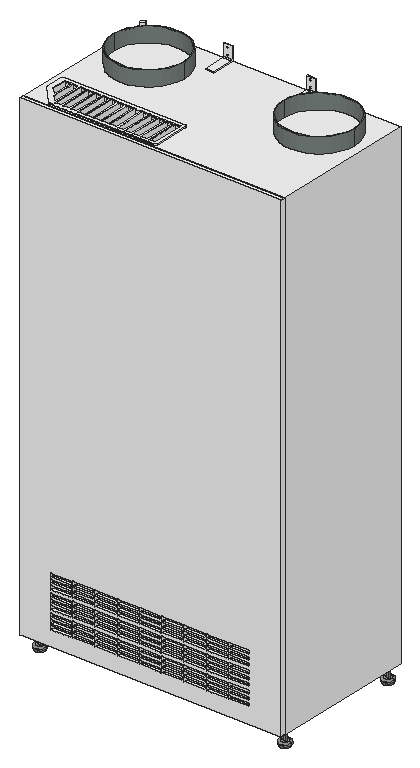
Revit family "AM 950 F VV", category Mechanical Equipment, Revit 2019
Family settings
  Round Connector Dimension = Use Diameter
  Part Type = Normal
  OmniClass Number = 23.75.00.00
  OmniClass Title = Climate Control (HVAC)
  Work Plane-Based = No
  Always vertical = Yes
  Cut with Voids When Loaded = No
  Shared = No
  Room Calculation Point = No
Parameters
  Weight (Standard Unit) = 301.5  # constant formula
  Water Heater Surface Return = 15 mm  # constant formula
  Water Heater Surface IN = 15 mm  # constant formula
  Version = "1.0"
  URL = "www.airmaster-as.com"
  Total Width = 1150 mm  # constant formula
  Total Hight = 2121 mm  # constant formula
  Suply Air In = 315 mm  # constant formula
  Publication date = "11.06.2025"
  Nominal current, electrical preheating surface = "10,0 A"
  Nominal current, electrical comfort heating surface = "7,39 A"
  Maximum current, air handling unit = "2.76 A"
  Network Conection = "AWG 24 CAT 5e STP"
  Model = "AM 950 F VV"
  Max. flow rate 35 dB(A) with ePM10 55% filters = 912.00 m³  # constant formula
  Max. flow rate 35 dB(A) with ePM10 50% filters = 915.00 m³  # constant formula
  Max. flow rate 30 dB(A) with ePM10 55% filters = 715.00 m³  # constant formula
  Max. flow rate 30 dB(A) with ePM10 50% filters = 730.00 m³  # constant formula
  Manufacturer = "Airmaster A/S"
  Maintenance [instance] = no
  Exhaust Air = 315 mm  # constant formula
  Total Depth = 660 mm  # constant formula
  Electrical connection = "220-240V/50Hz, ~1N+PE or 220-240V/50Hz, ~3N+PE"
  Drawn By = "LSB"
  Data sheet = ""
  Condensate conector = "Ø6/9 mm"
  Condensate = 9 mm  # constant formula
  BMS Panel = "(PTS) 2x2x0,6"
  BMS Out = "(PTS) 2x2x0,6"
  BMS IN = "(PTS) 2x2x0,6"
  Airflow area [instance] = no
Reference planes
  plane 1 "Center (Front/Back)": y = 0
  plane 2: z = 0
  plane 3 "Center (Left/Right)": x = 0
  plane 4 "Center L/S": y = -660
  plane 5 "Center L/T": x = -575
  plane 6 "Center L/U": x = 575
  plane 7: y = -26
Forms (mm)
  Extrusion 1, solid, material "AM White"
    sketch origin (0, 0, 73.598) x (1, 0, 0) y (0, 1, 0)
      loop
        line (-575, 0) -> (-575, -640) -> (575, -640) -> (575, 0) -> (-575, 0)
    from 0 to 2120
  Extrusion 2, solid, material "AM White", detail levels fine
    sketch origin (0, -660, 73.598) x (1, 0, 0) y (0, 0, -1)
      loop
        arc (-572.5, 0) -> (-574.268, -0.732) -> (-575, -2.5) r 2.5
        line (-575, -2.5) -> (-575, -2117.5)
        arc (-575, -2117.5) -> (-574.268, -2119.268) -> (-572.5, -2120) r 2.5
        line (-572.5, -2120) -> (572.5, -2120)
        arc (572.5, -2120) -> (574.268, -2119.268) -> (575, -2117.5) r 2.5
        line (575, -2117.5) -> (575, -2.5)
        arc (575, -2.5) -> (574.268, -0.732) -> (572.5, 0) r 2.5
        line (572.5, 0) -> (-572.5, 0)
    from 0 to 20
  Extrusion 3, solid, material "AM White", detail levels fine
    sketch origin (-164, -474.5, 72.198) x (0, 1, 0) y (0, 0, -1)
      loop
        arc (474.5, -2128.4) -> (472.743, -2124.157) -> (468.5, -2122.4) r 6
        line (468.5, -2122.4) -> (369.5, -2122.4) -> (369.5, -2125.4) -> (468.5, -2125.4)
        arc (468.5, -2125.4) -> (470.621, -2126.279) -> (471.5, -2128.4) r 3
        line (471.5, -2128.4) -> (471.5, -2181.4) -> (474.5, -2181.4) -> (474.5, -2128.4)
    from 0 to 38
  Extrusion 4, solid, material "AM White", detail levels fine
    sketch origin (202, -474.5, 72.198) x (0, 1, 0) y (0, 0, -1)
      loop
        arc (474.5, -2128.4) -> (472.743, -2124.157) -> (468.5, -2122.4) r 6
        line (468.5, -2122.4) -> (369.5, -2122.4) -> (369.5, -2125.4) -> (468.5, -2125.4)
        arc (468.5, -2125.4) -> (470.621, -2126.279) -> (471.5, -2128.4) r 3
        line (471.5, -2128.4) -> (471.5, -2181.4) -> (474.5, -2181.4) -> (474.5, -2128.4)
    from 0 to 38
  Extrusion 5, void
    sketch origin (0, -660, 108.598) x (1, 0, 0) y (0, 0, -1)
      loop
        arc (-438.016, -35) -> (-438.712, -35.288) -> (-439, -35.984) r 0.984
        line (-439, -35.984) -> (-439, -53.016)
        arc (-439, -53.016) -> (-438.712, -53.712) -> (-438.016, -54) r 0.984
        line (-438.016, -54) -> (-346.984, -54)
        arc (-346.984, -54) -> (-346.288, -53.712) -> (-346, -53.016) r 0.984
        line (-346, -53.016) -> (-346, -35.984)
        arc (-346, -35.984) -> (-346.288, -35.288) -> (-346.984, -35) r 0.984
        line (-346.984, -35) -> (-438.016, -35)
      loop
        arc (-438.016, -59) -> (-438.712, -59.288) -> (-439, -59.984) r 0.984
        line (-439, -59.984) -> (-439, -77.016)
        arc (-439, -77.016) -> (-438.712, -77.712) -> (-438.016, -78) r 0.984
        line (-438.016, -78) -> (-346.984, -78)
        arc (-346.984, -78) -> (-346.288, -77.712) -> (-346, -77.016) r 0.984
        line (-346, -77.016) -> (-346, -59.984)
        arc (-346, -59.984) -> (-346.288, -59.288) -> (-346.984, -59) r 0.984
        line (-346.984, -59) -> (-438.016, -59)
      loop
        arc (-438.016, -83) -> (-438.712, -83.288) -> (-439, -83.984) r 0.984
        line (-439, -83.984) -> (-439, -101.016)
        arc (-439, -101.016) -> (-438.712, -101.712) -> (-438.016, -102) r 0.984
        line (-438.016, -102) -> (-346.984, -102)
        arc (-346.984, -102) -> (-346.288, -101.712) -> (-346, -101.016) r 0.984
        line (-346, -101.016) -> (-346, -83.984)
        arc (-346, -83.984) -> (-346.288, -83.288) -> (-346.984, -83) r 0.984
        line (-346.984, -83) -> (-438.016, -83)
      loop
        arc (-438.016, -114) -> (-438.712, -114.288) -> (-439, -114.984) r 0.984
        line (-439, -114.984) -> (-439, -132.016)
        arc (-439, -132.016) -> (-438.712, -132.712) -> (-438.016, -133) r 0.984
        line (-438.016, -133) -> (-346.984, -133)
        arc (-346.984, -133) -> (-346.288, -132.712) -> (-346, -132.016) r 0.984
        line (-346, -132.016) -> (-346, -114.984)
        arc (-346, -114.984) -> (-346.288, -114.288) -> (-346.984, -114) r 0.984
        line (-346.984, -114) -> (-438.016, -114)
      loop
        arc (-438.016, -138) -> (-438.712, -138.288) -> (-439, -138.984) r 0.984
        line (-439, -138.984) -> (-439, -156.016)
        arc (-439, -156.016) -> (-438.712, -156.712) -> (-438.016, -157) r 0.984
        line (-438.016, -157) -> (-346.984, -157)
        arc (-346.984, -157) -> (-346.288, -156.712) -> (-346, -156.016) r 0.984
        line (-346, -156.016) -> (-346, -138.984)
        arc (-346, -138.984) -> (-346.288, -138.288) -> (-346.984, -138) r 0.984
        line (-346.984, -138) -> (-438.016, -138)
      loop
        arc (-438.016, -162) -> (-438.712, -162.288) -> (-439, -162.984) r 0.984
        line (-439, -162.984) -> (-439, -180.016)
        arc (-439, -180.016) -> (-438.712, -180.712) -> (-438.016, -181) r 0.984
        line (-438.016, -181) -> (-346.984, -181)
        arc (-346.984, -181) -> (-346.288, -180.712) -> (-346, -180.016) r 0.984
        line (-346, -180.016) -> (-346, -162.984)
        arc (-346, -162.984) -> (-346.288, -162.288) -> (-346.984, -162) r 0.984
        line (-346.984, -162) -> (-438.016, -162)
      loop
        arc (-438.016, -193) -> (-438.712, -193.288) -> (-439, -193.984) r 0.984
        line (-439, -193.984) -> (-439, -211.016)
        arc (-439, -211.016) -> (-438.712, -211.712) -> (-438.016, -212) r 0.984
        line (-438.016, -212) -> (-346.984, -212)
        arc (-346.984, -212) -> (-346.288, -211.712) -> (-346, -211.016) r 0.984
        line (-346, -211.016) -> (-346, -193.984)
        arc (-346, -193.984) -> (-346.288, -193.288) -> (-346.984, -193) r 0.984
        line (-346.984, -193) -> (-438.016, -193)
      loop
        arc (-438.016, -217) -> (-438.712, -217.288) -> (-439, -217.984) r 0.984
        line (-439, -217.984) -> (-439, -235.016)
        arc (-439, -235.016) -> (-438.712, -235.712) -> (-438.016, -236) r 0.984
        line (-438.016, -236) -> (-346.984, -236)
        arc (-346.984, -236) -> (-346.288, -235.712) -> (-346, -235.016) r 0.984
        line (-346, -235.016) -> (-346, -217.984)
        arc (-346, -217.984) -> (-346.288, -217.288) -> (-346.984, -217) r 0.984
        line (-346.984, -217) -> (-438.016, -217)
      loop
        arc (-438.016, -241) -> (-438.712, -241.288) -> (-439, -241.984) r 0.984
        line (-439, -241.984) -> (-439, -259.016)
        arc (-439, -259.016) -> (-438.712, -259.712) -> (-438.016, -260) r 0.984
        line (-438.016, -260) -> (-346.984, -260)
        arc (-346.984, -260) -> (-346.288, -259.712) -> (-346, -259.016) r 0.984
        line (-346, -259.016) -> (-346, -241.984)
        arc (-346, -241.984) -> (-346.288, -241.288) -> (-346.984, -241) r 0.984
        line (-346.984, -241) -> (-438.016, -241)
      loop
        arc (-340.016, -35) -> (-340.712, -35.288) -> (-341, -35.984) r 0.984
        line (-341, -35.984) -> (-341, -53.016)
        arc (-341, -53.016) -> (-340.712, -53.712) -> (-340.016, -54) r 0.984
        line (-340.016, -54) -> (-248.984, -54)
        arc (-248.984, -54) -> (-248.288, -53.712) -> (-248, -53.016) r 0.984
        line (-248, -53.016) -> (-248, -35.984)
        arc (-248, -35.984) -> (-248.288, -35.288) -> (-248.984, -35) r 0.984
        line (-248.984, -35) -> (-340.016, -35)
      loop
        arc (-340.016, -59) -> (-340.712, -59.288) -> (-341, -59.984) r 0.984
        line (-341, -59.984) -> (-341, -77.016)
        arc (-341, -77.016) -> (-340.712, -77.712) -> (-340.016, -78) r 0.984
        line (-340.016, -78) -> (-248.984, -78)
        arc (-248.984, -78) -> (-248.288, -77.712) -> (-248, -77.016) r 0.984
        line (-248, -77.016) -> (-248, -59.984)
        arc (-248, -59.984) -> (-248.288, -59.288) -> (-248.984, -59) r 0.984
        line (-248.984, -59) -> (-340.016, -59)
      loop
        arc (-340.016, -83) -> (-340.712, -83.288) -> (-341, -83.984) r 0.984
        line (-341, -83.984) -> (-341, -101.016)
        arc (-341, -101.016) -> (-340.712, -101.712) -> (-340.016, -102) r 0.984
        line (-340.016, -102) -> (-248.984, -102)
        arc (-248.984, -102) -> (-248.288, -101.712) -> (-248, -101.016) r 0.984
        line (-248, -101.016) -> (-248, -83.984)
        arc (-248, -83.984) -> (-248.288, -83.288) -> (-248.984, -83) r 0.984
        line (-248.984, -83) -> (-340.016, -83)
      loop
        arc (-340.016, -114) -> (-340.712, -114.288) -> (-341, -114.984) r 0.984
        line (-341, -114.984) -> (-341, -132.016)
        arc (-341, -132.016) -> (-340.712, -132.712) -> (-340.016, -133) r 0.984
        line (-340.016, -133) -> (-248.984, -133)
        arc (-248.984, -133) -> (-248.288, -132.712) -> (-248, -132.016) r 0.984
        line (-248, -132.016) -> (-248, -114.984)
        arc (-248, -114.984) -> (-248.288, -114.288) -> (-248.984, -114) r 0.984
        line (-248.984, -114) -> (-340.016, -114)
      loop
        arc (-340.016, -138) -> (-340.712, -138.288) -> (-341, -138.984) r 0.984
        line (-341, -138.984) -> (-341, -156.016)
        arc (-341, -156.016) -> (-340.712, -156.712) -> (-340.016, -157) r 0.984
        line (-340.016, -157) -> (-248.984, -157)
        arc (-248.984, -157) -> (-248.288, -156.712) -> (-248, -156.016) r 0.984
        line (-248, -156.016) -> (-248, -138.984)
        arc (-248, -138.984) -> (-248.288, -138.288) -> (-248.984, -138) r 0.984
        line (-248.984, -138) -> (-340.016, -138)
      loop
        arc (-340.016, -162) -> (-340.712, -162.288) -> (-341, -162.984) r 0.984
        line (-341, -162.984) -> (-341, -180.016)
        arc (-341, -180.016) -> (-340.712, -180.712) -> (-340.016, -181) r 0.984
        line (-340.016, -181) -> (-248.984, -181)
        arc (-248.984, -181) -> (-248.288, -180.712) -> (-248, -180.016) r 0.984
        line (-248, -180.016) -> (-248, -162.984)
        arc (-248, -162.984) -> (-248.288, -162.288) -> (-248.984, -162) r 0.984
        line (-248.984, -162) -> (-340.016, -162)
      loop
        arc (-340.016, -193) -> (-340.712, -193.288) -> (-341, -193.984) r 0.984
        line (-341, -193.984) -> (-341, -211.016)
        arc (-341, -211.016) -> (-340.712, -211.712) -> (-340.016, -212) r 0.984
        line (-340.016, -212) -> (-248.984, -212)
        arc (-248.984, -212) -> (-248.288, -211.712) -> (-248, -211.016) r 0.984
        line (-248, -211.016) -> (-248, -193.984)
        arc (-248, -193.984) -> (-248.288, -193.288) -> (-248.984, -193) r 0.984
        line (-248.984, -193) -> (-340.016, -193)
      loop
        arc (-340.016, -217) -> (-340.712, -217.288) -> (-341, -217.984) r 0.984
        line (-341, -217.984) -> (-341, -235.016)
        arc (-341, -235.016) -> (-340.712, -235.712) -> (-340.016, -236) r 0.984
        line (-340.016, -236) -> (-248.984, -236)
        arc (-248.984, -236) -> (-248.288, -235.712) -> (-248, -235.016) r 0.984
        line (-248, -235.016) -> (-248, -217.984)
        arc (-248, -217.984) -> (-248.288, -217.288) -> (-248.984, -217) r 0.984
        line (-248.984, -217) -> (-340.016, -217)
      loop
        arc (-340.016, -241) -> (-340.712, -241.288) -> (-341, -241.984) r 0.984
        line (-341, -241.984) -> (-341, -259.016)
        arc (-341, -259.016) -> (-340.712, -259.712) -> (-340.016, -260) r 0.984
        line (-340.016, -260) -> (-248.984, -260)
        arc (-248.984, -260) -> (-248.288, -259.712) -> (-248, -259.016) r 0.984
        line (-248, -259.016) -> (-248, -241.984)
        arc (-248, -241.984) -> (-248.288, -241.288) -> (-248.984, -241) r 0.984
        line (-248.984, -241) -> (-340.016, -241)
      loop
        arc (-242.016, -35) -> (-242.712, -35.288) -> (-243, -35.984) r 0.984
        line (-243, -35.984) -> (-243, -53.016)
        arc (-243, -53.016) -> (-242.712, -53.712) -> (-242.016, -54) r 0.984
        line (-242.016, -54) -> (-150.984, -54)
        arc (-150.984, -54) -> (-150.288, -53.712) -> (-150, -53.016) r 0.984
        line (-150, -53.016) -> (-150, -35.984)
        arc (-150, -35.984) -> (-150.288, -35.288) -> (-150.984, -35) r 0.984
        line (-150.984, -35) -> (-242.016, -35)
      loop
        arc (-242.016, -59) -> (-242.712, -59.288) -> (-243, -59.984) r 0.984
        line (-243, -59.984) -> (-243, -77.016)
        arc (-243, -77.016) -> (-242.712, -77.712) -> (-242.016, -78) r 0.984
        line (-242.016, -78) -> (-150.984, -78)
        arc (-150.984, -78) -> (-150.288, -77.712) -> (-150, -77.016) r 0.984
        line (-150, -77.016) -> (-150, -59.984)
        arc (-150, -59.984) -> (-150.288, -59.288) -> (-150.984, -59) r 0.984
        line (-150.984, -59) -> (-242.016, -59)
      loop
        arc (-242.016, -83) -> (-242.712, -83.288) -> (-243, -83.984) r 0.984
        line (-243, -83.984) -> (-243, -101.016)
        arc (-243, -101.016) -> (-242.712, -101.712) -> (-242.016, -102) r 0.984
        line (-242.016, -102) -> (-150.984, -102)
        arc (-150.984, -102) -> (-150.288, -101.712) -> (-150, -101.016) r 0.984
        line (-150, -101.016) -> (-150, -83.984)
        arc (-150, -83.984) -> (-150.288, -83.288) -> (-150.984, -83) r 0.984
        line (-150.984, -83) -> (-242.016, -83)
      loop
        arc (-242.016, -114) -> (-242.712, -114.288) -> (-243, -114.984) r 0.984
        line (-243, -114.984) -> (-243, -132.016)
        arc (-243, -132.016) -> (-242.712, -132.712) -> (-242.016, -133) r 0.984
        line (-242.016, -133) -> (-150.984, -133)
        arc (-150.984, -133) -> (-150.288, -132.712) -> (-150, -132.016) r 0.984
        line (-150, -132.016) -> (-150, -114.984)
        arc (-150, -114.984) -> (-150.288, -114.288) -> (-150.984, -114) r 0.984
        line (-150.984, -114) -> (-242.016, -114)
      loop
        arc (-242.016, -138) -> (-242.712, -138.288) -> (-243, -138.984) r 0.984
        line (-243, -138.984) -> (-243, -156.016)
        arc (-243, -156.016) -> (-242.712, -156.712) -> (-242.016, -157) r 0.984
        line (-242.016, -157) -> (-150.984, -157)
        arc (-150.984, -157) -> (-150.288, -156.712) -> (-150, -156.016) r 0.984
        line (-150, -156.016) -> (-150, -138.984)
        arc (-150, -138.984) -> (-150.288, -138.288) -> (-150.984, -138) r 0.984
        line (-150.984, -138) -> (-242.016, -138)
      loop
        arc (-242.016, -162) -> (-242.712, -162.288) -> (-243, -162.984) r 0.984
        line (-243, -162.984) -> (-243, -180.016)
        arc (-243, -180.016) -> (-242.712, -180.712) -> (-242.016, -181) r 0.984
        line (-242.016, -181) -> (-150.984, -181)
        arc (-150.984, -181) -> (-150.288, -180.712) -> (-150, -180.016) r 0.984
        line (-150, -180.016) -> (-150, -162.984)
        arc (-150, -162.984) -> (-150.288, -162.288) -> (-150.984, -162) r 0.984
        line (-150.984, -162) -> (-242.016, -162)
      loop
        arc (-242.016, -193) -> (-242.712, -193.288) -> (-243, -193.984) r 0.984
        line (-243, -193.984) -> (-243, -211.016)
        arc (-243, -211.016) -> (-242.712, -211.712) -> (-242.016, -212) r 0.984
        line (-242.016, -212) -> (-150.984, -212)
        arc (-150.984, -212) -> (-150.288, -211.712) -> (-150, -211.016) r 0.984
        line (-150, -211.016) -> (-150, -193.984)
        arc (-150, -193.984) -> (-150.288, -193.288) -> (-150.984, -193) r 0.984
        line (-150.984, -193) -> (-242.016, -193)
      loop
        arc (-242.016, -217) -> (-242.712, -217.288) -> (-243, -217.984) r 0.984
        line (-243, -217.984) -> (-243, -235.016)
        arc (-243, -235.016) -> (-242.712, -235.712) -> (-242.016, -236) r 0.984
        line (-242.016, -236) -> (-150.984, -236)
        arc (-150.984, -236) -> (-150.288, -235.712) -> (-150, -235.016) r 0.984
        line (-150, -235.016) -> (-150, -217.984)
        arc (-150, -217.984) -> (-150.288, -217.288) -> (-150.984, -217) r 0.984
        line (-150.984, -217) -> (-242.016, -217)
      loop
        arc (-242.016, -241) -> (-242.712, -241.288) -> (-243, -241.984) r 0.984
        line (-243, -241.984) -> (-243, -259.016)
        arc (-243, -259.016) -> (-242.712, -259.712) -> (-242.016, -260) r 0.984
        line (-242.016, -260) -> (-150.984, -260)
        arc (-150.984, -260) -> (-150.288, -259.712) -> (-150, -259.016) r 0.984
        line (-150, -259.016) -> (-150, -241.984)
        arc (-150, -241.984) -> (-150.288, -241.288) -> (-150.984, -241) r 0.984
        line (-150.984, -241) -> (-242.016, -241)
      loop
        arc (-144.016, -35) -> (-144.712, -35.288) -> (-145, -35.984) r 0.984
        line (-145, -35.984) -> (-145, -53.016)
        arc (-145, -53.016) -> (-144.712, -53.712) -> (-144.016, -54) r 0.984
        line (-144.016, -54) -> (-52.984, -54)
        arc (-52.984, -54) -> (-52.288, -53.712) -> (-52, -53.016) r 0.984
        line (-52, -53.016) -> (-52, -35.984)
        arc (-52, -35.984) -> (-52.288, -35.288) -> (-52.984, -35) r 0.984
        line (-52.984, -35) -> (-144.016, -35)
      loop
        arc (-144.016, -59) -> (-144.712, -59.288) -> (-145, -59.984) r 0.984
        line (-145, -59.984) -> (-145, -77.016)
        arc (-145, -77.016) -> (-144.712, -77.712) -> (-144.016, -78) r 0.984
        line (-144.016, -78) -> (-52.984, -78)
        arc (-52.984, -78) -> (-52.288, -77.712) -> (-52, -77.016) r 0.984
        line (-52, -77.016) -> (-52, -59.984)
        arc (-52, -59.984) -> (-52.288, -59.288) -> (-52.984, -59) r 0.984
        line (-52.984, -59) -> (-144.016, -59)
      loop
        arc (-144.016, -83) -> (-144.712, -83.288) -> (-145, -83.984) r 0.984
        line (-145, -83.984) -> (-145, -101.016)
        arc (-145, -101.016) -> (-144.712, -101.712) -> (-144.016, -102) r 0.984
        line (-144.016, -102) -> (-52.984, -102)
        arc (-52.984, -102) -> (-52.288, -101.712) -> (-52, -101.016) r 0.984
        line (-52, -101.016) -> (-52, -83.984)
        arc (-52, -83.984) -> (-52.288, -83.288) -> (-52.984, -83) r 0.984
        line (-52.984, -83) -> (-144.016, -83)
      loop
        arc (-144.016, -114) -> (-144.712, -114.288) -> (-145, -114.984) r 0.984
        line (-145, -114.984) -> (-145, -132.016)
        arc (-145, -132.016) -> (-144.712, -132.712) -> (-144.016, -133) r 0.984
        line (-144.016, -133) -> (-52.984, -133)
        arc (-52.984, -133) -> (-52.288, -132.712) -> (-52, -132.016) r 0.984
        line (-52, -132.016) -> (-52, -114.984)
        arc (-52, -114.984) -> (-52.288, -114.288) -> (-52.984, -114) r 0.984
        line (-52.984, -114) -> (-144.016, -114)
      loop
        arc (-144.016, -138) -> (-144.712, -138.288) -> (-145, -138.984) r 0.984
        line (-145, -138.984) -> (-145, -156.016)
        arc (-145, -156.016) -> (-144.712, -156.712) -> (-144.016, -157) r 0.984
        line (-144.016, -157) -> (-52.984, -157)
        arc (-52.984, -157) -> (-52.288, -156.712) -> (-52, -156.016) r 0.984
        line (-52, -156.016) -> (-52, -138.984)
        arc (-52, -138.984) -> (-52.288, -138.288) -> (-52.984, -138) r 0.984
        line (-52.984, -138) -> (-144.016, -138)
      loop
        arc (-144.016, -162) -> (-144.712, -162.288) -> (-145, -162.984) r 0.984
        line (-145, -162.984) -> (-145, -180.016)
        arc (-145, -180.016) -> (-144.712, -180.712) -> (-144.016, -181) r 0.984
        line (-144.016, -181) -> (-52.984, -181)
        arc (-52.984, -181) -> (-52.288, -180.712) -> (-52, -180.016) r 0.984
        line (-52, -180.016) -> (-52, -162.984)
        arc (-52, -162.984) -> (-52.288, -162.288) -> (-52.984, -162) r 0.984
        line (-52.984, -162) -> (-144.016, -162)
      loop
        arc (-144.016, -193) -> (-144.712, -193.288) -> (-145, -193.984) r 0.984
        line (-145, -193.984) -> (-145, -211.016)
        arc (-145, -211.016) -> (-144.712, -211.712) -> (-144.016, -212) r 0.984
        line (-144.016, -212) -> (-52.984, -212)
        arc (-52.984, -212) -> (-52.288, -211.712) -> (-52, -211.016) r 0.984
        line (-52, -211.016) -> (-52, -193.984)
        arc (-52, -193.984) -> (-52.288, -193.288) -> (-52.984, -193) r 0.984
        line (-52.984, -193) -> (-144.016, -193)
      loop
        arc (-144.016, -217) -> (-144.712, -217.288) -> (-145, -217.984) r 0.984
        line (-145, -217.984) -> (-145, -235.016)
        arc (-145, -235.016) -> (-144.712, -235.712) -> (-144.016, -236) r 0.984
        line (-144.016, -236) -> (-52.984, -236)
        arc (-52.984, -236) -> (-52.288, -235.712) -> (-52, -235.016) r 0.984
        line (-52, -235.016) -> (-52, -217.984)
        arc (-52, -217.984) -> (-52.288, -217.288) -> (-52.984, -217) r 0.984
        line (-52.984, -217) -> (-144.016, -217)
      loop
        arc (-144.016, -241) -> (-144.712, -241.288) -> (-145, -241.984) r 0.984
        line (-145, -241.984) -> (-145, -259.016)
        arc (-145, -259.016) -> (-144.712, -259.712) -> (-144.016, -260) r 0.984
        line (-144.016, -260) -> (-52.984, -260)
        arc (-52.984, -260) -> (-52.288, -259.712) -> (-52, -259.016) r 0.984
        line (-52, -259.016) -> (-52, -241.984)
        arc (-52, -241.984) -> (-52.288, -241.288) -> (-52.984, -241) r 0.984
        line (-52.984, -241) -> (-144.016, -241)
      loop
        arc (-46.016, -35) -> (-46.712, -35.288) -> (-47, -35.984) r 0.984
        line (-47, -35.984) -> (-47, -53.016)
        arc (-47, -53.016) -> (-46.712, -53.712) -> (-46.016, -54) r 0.984
        line (-46.016, -54) -> (45.016, -54)
        arc (45.016, -54) -> (45.712, -53.712) -> (46, -53.016) r 0.984
        line (46, -53.016) -> (46, -35.984)
        arc (46, -35.984) -> (45.712, -35.288) -> (45.016, -35) r 0.984
        line (45.016, -35) -> (-46.016, -35)
      loop
        arc (-46.016, -59) -> (-46.712, -59.288) -> (-47, -59.984) r 0.984
        line (-47, -59.984) -> (-47, -77.016)
        arc (-47, -77.016) -> (-46.712, -77.712) -> (-46.016, -78) r 0.984
        line (-46.016, -78) -> (45.016, -78)
        arc (45.016, -78) -> (45.712, -77.712) -> (46, -77.016) r 0.984
        line (46, -77.016) -> (46, -59.984)
        arc (46, -59.984) -> (45.712, -59.288) -> (45.016, -59) r 0.984
        line (45.016, -59) -> (-46.016, -59)
      loop
        arc (-46.016, -83) -> (-46.712, -83.288) -> (-47, -83.984) r 0.984
        line (-47, -83.984) -> (-47, -101.016)
        arc (-47, -101.016) -> (-46.712, -101.712) -> (-46.016, -102) r 0.984
        line (-46.016, -102) -> (45.016, -102)
        arc (45.016, -102) -> (45.712, -101.712) -> (46, -101.016) r 0.984
        line (46, -101.016) -> (46, -83.984)
        arc (46, -83.984) -> (45.712, -83.288) -> (45.016, -83) r 0.984
        line (45.016, -83) -> (-46.016, -83)
      loop
        arc (-46.016, -114) -> (-46.712, -114.288) -> (-47, -114.984) r 0.984
        line (-47, -114.984) -> (-47, -132.016)
        arc (-47, -132.016) -> (-46.712, -132.712) -> (-46.016, -133) r 0.984
        line (-46.016, -133) -> (45.016, -133)
        arc (45.016, -133) -> (45.712, -132.712) -> (46, -132.016) r 0.984
        line (46, -132.016) -> (46, -114.984)
        arc (46, -114.984) -> (45.712, -114.288) -> (45.016, -114) r 0.984
        line (45.016, -114) -> (-46.016, -114)
      loop
        arc (-46.016, -138) -> (-46.712, -138.288) -> (-47, -138.984) r 0.984
        line (-47, -138.984) -> (-47, -156.016)
        arc (-47, -156.016) -> (-46.712, -156.712) -> (-46.016, -157) r 0.984
        line (-46.016, -157) -> (45.016, -157)
        arc (45.016, -157) -> (45.712, -156.712) -> (46, -156.016) r 0.984
        line (46, -156.016) -> (46, -138.984)
        arc (46, -138.984) -> (45.712, -138.288) -> (45.016, -138) r 0.984
        line (45.016, -138) -> (-46.016, -138)
      loop
        arc (-46.016, -162) -> (-46.712, -162.288) -> (-47, -162.984) r 0.984
        line (-47, -162.984) -> (-47, -180.016)
        arc (-47, -180.016) -> (-46.712, -180.712) -> (-46.016, -181) r 0.984
        line (-46.016, -181) -> (45.016, -181)
        arc (45.016, -181) -> (45.712, -180.712) -> (46, -180.016) r 0.984
        line (46, -180.016) -> (46, -162.984)
        arc (46, -162.984) -> (45.712, -162.288) -> (45.016, -162) r 0.984
        line (45.016, -162) -> (-46.016, -162)
      loop
        arc (-46.016, -193) -> (-46.712, -193.288) -> (-47, -193.984) r 0.984
        line (-47, -193.984) -> (-47, -211.016)
        arc (-47, -211.016) -> (-46.712, -211.712) -> (-46.016, -212) r 0.984
        line (-46.016, -212) -> (45.016, -212)
        arc (45.016, -212) -> (45.712, -211.712) -> (46, -211.016) r 0.984
        line (46, -211.016) -> (46, -193.984)
        arc (46, -193.984) -> (45.712, -193.288) -> (45.016, -193) r 0.984
        line (45.016, -193) -> (-46.016, -193)
      loop
        arc (-46.016, -217) -> (-46.712, -217.288) -> (-47, -217.984) r 0.984
        line (-47, -217.984) -> (-47, -235.016)
        arc (-47, -235.016) -> (-46.712, -235.712) -> (-46.016, -236) r 0.984
        line (-46.016, -236) -> (45.016, -236)
        arc (45.016, -236) -> (45.712, -235.712) -> (46, -235.016) r 0.984
        line (46, -235.016) -> (46, -217.984)
        arc (46, -217.984) -> (45.712, -217.288) -> (45.016, -217) r 0.984
        line (45.016, -217) -> (-46.016, -217)
      loop
        arc (-46.016, -241) -> (-46.712, -241.288) -> (-47, -241.984) r 0.984
        line (-47, -241.984) -> (-47, -259.016)
        arc (-47, -259.016) -> (-46.712, -259.712) -> (-46.016, -260) r 0.984
        line (-46.016, -260) -> (45.016, -260)
        arc (45.016, -260) -> (45.712, -259.712) -> (46, -259.016) r 0.984
        line (46, -259.016) -> (46, -241.984)
        arc (46, -241.984) -> (45.712, -241.288) -> (45.016, -241) r 0.984
        line (45.016, -241) -> (-46.016, -241)
      loop
        arc (51.984, -35) -> (51.288, -35.288) -> (51, -35.984) r 0.984
        line (51, -35.984) -> (51, -53.016)
        arc (51, -53.016) -> (51.288, -53.712) -> (51.984, -54) r 0.984
        line (51.984, -54) -> (143.016, -54)
        arc (143.016, -54) -> (143.712, -53.712) -> (144, -53.016) r 0.984
        line (144, -53.016) -> (144, -35.984)
        arc (144, -35.984) -> (143.712, -35.288) -> (143.016, -35) r 0.984
        line (143.016, -35) -> (51.984, -35)
      loop
        arc (51.984, -59) -> (51.288, -59.288) -> (51, -59.984) r 0.984
        line (51, -59.984) -> (51, -77.016)
        arc (51, -77.016) -> (51.288, -77.712) -> (51.984, -78) r 0.984
        line (51.984, -78) -> (143.016, -78)
        arc (143.016, -78) -> (143.712, -77.712) -> (144, -77.016) r 0.984
        line (144, -77.016) -> (144, -59.984)
        arc (144, -59.984) -> (143.712, -59.288) -> (143.016, -59) r 0.984
        line (143.016, -59) -> (51.984, -59)
      loop
        arc (51.984, -83) -> (51.288, -83.288) -> (51, -83.984) r 0.984
        line (51, -83.984) -> (51, -101.016)
        arc (51, -101.016) -> (51.288, -101.712) -> (51.984, -102) r 0.984
        line (51.984, -102) -> (143.016, -102)
        arc (143.016, -102) -> (143.712, -101.712) -> (144, -101.016) r 0.984
        line (144, -101.016) -> (144, -83.984)
        arc (144, -83.984) -> (143.712, -83.288) -> (143.016, -83) r 0.984
        line (143.016, -83) -> (51.984, -83)
      loop
        arc (51.984, -114) -> (51.288, -114.288) -> (51, -114.984) r 0.984
        line (51, -114.984) -> (51, -132.016)
        arc (51, -132.016) -> (51.288, -132.712) -> (51.984, -133) r 0.984
        line (51.984, -133) -> (143.016, -133)
        arc (143.016, -133) -> (143.712, -132.712) -> (144, -132.016) r 0.984
        line (144, -132.016) -> (144, -114.984)
        arc (144, -114.984) -> (143.712, -114.288) -> (143.016, -114) r 0.984
        line (143.016, -114) -> (51.984, -114)
      loop
        arc (51.984, -138) -> (51.288, -138.288) -> (51, -138.984) r 0.984
        line (51, -138.984) -> (51, -156.016)
        arc (51, -156.016) -> (51.288, -156.712) -> (51.984, -157) r 0.984
        line (51.984, -157) -> (143.016, -157)
        arc (143.016, -157) -> (143.712, -156.712) -> (144, -156.016) r 0.984
        line (144, -156.016) -> (144, -138.984)
        arc (144, -138.984) -> (143.712, -138.288) -> (143.016, -138) r 0.984
        line (143.016, -138) -> (51.984, -138)
      loop
        arc (51.984, -162) -> (51.288, -162.288) -> (51, -162.984) r 0.984
        line (51, -162.984) -> (51, -180.016)
        arc (51, -180.016) -> (51.288, -180.712) -> (51.984, -181) r 0.984
        line (51.984, -181) -> (143.016, -181)
        arc (143.016, -181) -> (143.712, -180.712) -> (144, -180.016) r 0.984
        line (144, -180.016) -> (144, -162.984)
        arc (144, -162.984) -> (143.712, -162.288) -> (143.016, -162) r 0.984
        line (143.016, -162) -> (51.984, -162)
      loop
        arc (51.984, -193) -> (51.288, -193.288) -> (51, -193.984) r 0.984
        line (51, -193.984) -> (51, -211.016)
        arc (51, -211.016) -> (51.288, -211.712) -> (51.984, -212) r 0.984
        line (51.984, -212) -> (143.016, -212)
        arc (143.016, -212) -> (143.712, -211.712) -> (144, -211.016) r 0.984
        line (144, -211.016) -> (144, -193.984)
        arc (144, -193.984) -> (143.712, -193.288) -> (143.016, -193) r 0.984
        line (143.016, -193) -> (51.984, -193)
      loop
        arc (51.984, -217) -> (51.288, -217.288) -> (51, -217.984) r 0.984
        line (51, -217.984) -> (51, -235.016)
        arc (51, -235.016) -> (51.288, -235.712) -> (51.984, -236) r 0.984
        line (51.984, -236) -> (143.016, -236)
        arc (143.016, -236) -> (143.712, -235.712) -> (144, -235.016) r 0.984
        line (144, -235.016) -> (144, -217.984)
        arc (144, -217.984) -> (143.712, -217.288) -> (143.016, -217) r 0.984
        line (143.016, -217) -> (51.984, -217)
      loop
        arc (51.984, -241) -> (51.288, -241.288) -> (51, -241.984) r 0.984
        line (51, -241.984) -> (51, -259.016)
        arc (51, -259.016) -> (51.288, -259.712) -> (51.984, -260) r 0.984
        line (51.984, -260) -> (143.016, -260)
        arc (143.016, -260) -> (143.712, -259.712) -> (144, -259.016) r 0.984
        line (144, -259.016) -> (144, -241.984)
        arc (144, -241.984) -> (143.712, -241.288) -> (143.016, -241) r 0.984
        line (143.016, -241) -> (51.984, -241)
      loop
        arc (149.984, -35) -> (149.288, -35.288) -> (149, -35.984) r 0.984
        line (149, -35.984) -> (149, -53.016)
        arc (149, -53.016) -> (149.288, -53.712) -> (149.984, -54) r 0.984
        line (149.984, -54) -> (241.016, -54)
        arc (241.016, -54) -> (241.712, -53.712) -> (242, -53.016) r 0.984
        line (242, -53.016) -> (242, -35.984)
        arc (242, -35.984) -> (241.712, -35.288) -> (241.016, -35) r 0.984
        line (241.016, -35) -> (149.984, -35)
      loop
        arc (149.984, -59) -> (149.288, -59.288) -> (149, -59.984) r 0.984
        line (149, -59.984) -> (149, -77.016)
        arc (149, -77.016) -> (149.288, -77.712) -> (149.984, -78) r 0.984
        line (149.984, -78) -> (241.016, -78)
        arc (241.016, -78) -> (241.712, -77.712) -> (242, -77.016) r 0.984
        line (242, -77.016) -> (242, -59.984)
        arc (242, -59.984) -> (241.712, -59.288) -> (241.016, -59) r 0.984
        line (241.016, -59) -> (149.984, -59)
      loop
        arc (149.984, -83) -> (149.288, -83.288) -> (149, -83.984) r 0.984
        line (149, -83.984) -> (149, -101.016)
        arc (149, -101.016) -> (149.288, -101.712) -> (149.984, -102) r 0.984
        line (149.984, -102) -> (241.016, -102)
        arc (241.016, -102) -> (241.712, -101.712) -> (242, -101.016) r 0.984
        line (242, -101.016) -> (242, -83.984)
        arc (242, -83.984) -> (241.712, -83.288) -> (241.016, -83) r 0.984
        line (241.016, -83) -> (149.984, -83)
      loop
        arc (149.984, -114) -> (149.288, -114.288) -> (149, -114.984) r 0.984
        line (149, -114.984) -> (149, -132.016)
        arc (149, -132.016) -> (149.288, -132.712) -> (149.984, -133) r 0.984
        line (149.984, -133) -> (241.016, -133)
        arc (241.016, -133) -> (241.712, -132.712) -> (242, -132.016) r 0.984
        line (242, -132.016) -> (242, -114.984)
        arc (242, -114.984) -> (241.712, -114.288) -> (241.016, -114) r 0.984
        line (241.016, -114) -> (149.984, -114)
      loop
        arc (149.984, -138) -> (149.288, -138.288) -> (149, -138.984) r 0.984
        line (149, -138.984) -> (149, -156.016)
        arc (149, -156.016) -> (149.288, -156.712) -> (149.984, -157) r 0.984
        line (149.984, -157) -> (241.016, -157)
        arc (241.016, -157) -> (241.712, -156.712) -> (242, -156.016) r 0.984
        line (242, -156.016) -> (242, -138.984)
        arc (242, -138.984) -> (241.712, -138.288) -> (241.016, -138) r 0.984
        line (241.016, -138) -> (149.984, -138)
      loop
        arc (149.984, -162) -> (149.288, -162.288) -> (149, -162.984) r 0.984
        line (149, -162.984) -> (149, -180.016)
        arc (149, -180.016) -> (149.288, -180.712) -> (149.984, -181) r 0.984
        line (149.984, -181) -> (241.016, -181)
        arc (241.016, -181) -> (241.712, -180.712) -> (242, -180.016) r 0.984
        line (242, -180.016) -> (242, -162.984)
        arc (242, -162.984) -> (241.712, -162.288) -> (241.016, -162) r 0.984
        line (241.016, -162) -> (149.984, -162)
      loop
        arc (149.984, -193) -> (149.288, -193.288) -> (149, -193.984) r 0.984
        line (149, -193.984) -> (149, -211.016)
        arc (149, -211.016) -> (149.288, -211.712) -> (149.984, -212) r 0.984
        line (149.984, -212) -> (241.016, -212)
        arc (241.016, -212) -> (241.712, -211.712) -> (242, -211.016) r 0.984
        line (242, -211.016) -> (242, -193.984)
        arc (242, -193.984) -> (241.712, -193.288) -> (241.016, -193) r 0.984
        line (241.016, -193) -> (149.984, -193)
      loop
        arc (149.984, -217) -> (149.288, -217.288) -> (149, -217.984) r 0.984
        line (149, -217.984) -> (149, -235.016)
        arc (149, -235.016) -> (149.288, -235.712) -> (149.984, -236) r 0.984
        line (149.984, -236) -> (241.016, -236)
        arc (241.016, -236) -> (241.712, -235.712) -> (242, -235.016) r 0.984
        line (242, -235.016) -> (242, -217.984)
        arc (242, -217.984) -> (241.712, -217.288) -> (241.016, -217) r 0.984
        line (241.016, -217) -> (149.984, -217)
      loop
        arc (149.984, -241) -> (149.288, -241.288) -> (149, -241.984) r 0.984
        line (149, -241.984) -> (149, -259.016)
        arc (149, -259.016) -> (149.288, -259.712) -> (149.984, -260) r 0.984
        line (149.984, -260) -> (241.016, -260)
        arc (241.016, -260) -> (241.712, -259.712) -> (242, -259.016) r 0.984
        line (242, -259.016) -> (242, -241.984)
        arc (242, -241.984) -> (241.712, -241.288) -> (241.016, -241) r 0.984
        line (241.016, -241) -> (149.984, -241)
      loop
        arc (247.984, -35) -> (247.288, -35.288) -> (247, -35.984) r 0.984
        line (247, -35.984) -> (247, -53.016)
        arc (247, -53.016) -> (247.288, -53.712) -> (247.984, -54) r 0.984
        line (247.984, -54) -> (339.016, -54)
        arc (339.016, -54) -> (339.712, -53.712) -> (340, -53.016) r 0.984
        line (340, -53.016) -> (340, -35.984)
        arc (340, -35.984) -> (339.712, -35.288) -> (339.016, -35) r 0.984
        line (339.016, -35) -> (247.984, -35)
      loop
        arc (247.984, -59) -> (247.288, -59.288) -> (247, -59.984) r 0.984
        line (247, -59.984) -> (247, -77.016)
        arc (247, -77.016) -> (247.288, -77.712) -> (247.984, -78) r 0.984
        line (247.984, -78) -> (339.016, -78)
        arc (339.016, -78) -> (339.712, -77.712) -> (340, -77.016) r 0.984
        line (340, -77.016) -> (340, -59.984)
        arc (340, -59.984) -> (339.712, -59.288) -> (339.016, -59) r 0.984
        line (339.016, -59) -> (247.984, -59)
      loop
        arc (247.984, -83) -> (247.288, -83.288) -> (247, -83.984) r 0.984
        line (247, -83.984) -> (247, -101.016)
        arc (247, -101.016) -> (247.288, -101.712) -> (247.984, -102) r 0.984
        line (247.984, -102) -> (339.016, -102)
        arc (339.016, -102) -> (339.712, -101.712) -> (340, -101.016) r 0.984
        line (340, -101.016) -> (340, -83.984)
        arc (340, -83.984) -> (339.712, -83.288) -> (339.016, -83) r 0.984
        line (339.016, -83) -> (247.984, -83)
      loop
        arc (247.984, -114) -> (247.288, -114.288) -> (247, -114.984) r 0.984
        line (247, -114.984) -> (247, -132.016)
        arc (247, -132.016) -> (247.288, -132.712) -> (247.984, -133) r 0.984
        line (247.984, -133) -> (339.016, -133)
        arc (339.016, -133) -> (339.712, -132.712) -> (340, -132.016) r 0.984
        line (340, -132.016) -> (340, -114.984)
        arc (340, -114.984) -> (339.712, -114.288) -> (339.016, -114) r 0.984
        line (339.016, -114) -> (247.984, -114)
      loop
        arc (247.984, -138) -> (247.288, -138.288) -> (247, -138.984) r 0.984
        line (247, -138.984) -> (247, -156.016)
        arc (247, -156.016) -> (247.288, -156.712) -> (247.984, -157) r 0.984
        line (247.984, -157) -> (339.016, -157)
        arc (339.016, -157) -> (339.712, -156.712) -> (340, -156.016) r 0.984
        line (340, -156.016) -> (340, -138.984)
        arc (340, -138.984) -> (339.712, -138.288) -> (339.016, -138) r 0.984
        line (339.016, -138) -> (247.984, -138)
      loop
        arc (247.984, -162) -> (247.288, -162.288) -> (247, -162.984) r 0.984
        line (247, -162.984) -> (247, -180.016)
        arc (247, -180.016) -> (247.288, -180.712) -> (247.984, -181) r 0.984
        line (247.984, -181) -> (339.016, -181)
        arc (339.016, -181) -> (339.712, -180.712) -> (340, -180.016) r 0.984
        line (340, -180.016) -> (340, -162.984)
        arc (340, -162.984) -> (339.712, -162.288) -> (339.016, -162) r 0.984
        line (339.016, -162) -> (247.984, -162)
      loop
        arc (247.984, -193) -> (247.288, -193.288) -> (247, -193.984) r 0.984
        line (247, -193.984) -> (247, -211.016)
        arc (247, -211.016) -> (247.288, -211.712) -> (247.984, -212) r 0.984
        line (247.984, -212) -> (339.016, -212)
        arc (339.016, -212) -> (339.712, -211.712) -> (340, -211.016) r 0.984
        line (340, -211.016) -> (340, -193.984)
        arc (340, -193.984) -> (339.712, -193.288) -> (339.016, -193) r 0.984
        line (339.016, -193) -> (247.984, -193)
      loop
        arc (247.984, -217) -> (247.288, -217.288) -> (247, -217.984) r 0.984
        line (247, -217.984) -> (247, -235.016)
        arc (247, -235.016) -> (247.288, -235.712) -> (247.984, -236) r 0.984
        line (247.984, -236) -> (339.016, -236)
        arc (339.016, -236) -> (339.712, -235.712) -> (340, -235.016) r 0.984
        line (340, -235.016) -> (340, -217.984)
        arc (340, -217.984) -> (339.712, -217.288) -> (339.016, -217) r 0.984
        line (339.016, -217) -> (247.984, -217)
      loop
        arc (247.984, -241) -> (247.288, -241.288) -> (247, -241.984) r 0.984
        line (247, -241.984) -> (247, -259.016)
        arc (247, -259.016) -> (247.288, -259.712) -> (247.984, -260) r 0.984
        line (247.984, -260) -> (339.016, -260)
        arc (339.016, -260) -> (339.712, -259.712) -> (340, -259.016) r 0.984
        line (340, -259.016) -> (340, -241.984)
        arc (340, -241.984) -> (339.712, -241.288) -> (339.016, -241) r 0.984
        line (339.016, -241) -> (247.984, -241)
      loop
        arc (345.984, -35) -> (345.288, -35.288) -> (345, -35.984) r 0.984
        line (345, -35.984) -> (345, -53.016)
        arc (345, -53.016) -> (345.288, -53.712) -> (345.984, -54) r 0.984
        line (345.984, -54) -> (437.016, -54)
        arc (437.016, -54) -> (437.712, -53.712) -> (438, -53.016) r 0.984
        line (438, -53.016) -> (438, -35.984)
        arc (438, -35.984) -> (437.712, -35.288) -> (437.016, -35) r 0.984
        line (437.016, -35) -> (345.984, -35)
      loop
        arc (345.984, -59) -> (345.288, -59.288) -> (345, -59.984) r 0.984
        line (345, -59.984) -> (345, -77.016)
        arc (345, -77.016) -> (345.288, -77.712) -> (345.984, -78) r 0.984
        line (345.984, -78) -> (437.016, -78)
        arc (437.016, -78) -> (437.712, -77.712) -> (438, -77.016) r 0.984
        line (438, -77.016) -> (438, -59.984)
        arc (438, -59.984) -> (437.712, -59.288) -> (437.016, -59) r 0.984
        line (437.016, -59) -> (345.984, -59)
      loop
        arc (345.984, -83) -> (345.288, -83.288) -> (345, -83.984) r 0.984
        line (345, -83.984) -> (345, -101.016)
        arc (345, -101.016) -> (345.288, -101.712) -> (345.984, -102) r 0.984
        line (345.984, -102) -> (437.016, -102)
        arc (437.016, -102) -> (437.712, -101.712) -> (438, -101.016) r 0.984
        line (438, -101.016) -> (438, -83.984)
        arc (438, -83.984) -> (437.712, -83.288) -> (437.016, -83) r 0.984
        line (437.016, -83) -> (345.984, -83)
      loop
        arc (345.984, -114) -> (345.288, -114.288) -> (345, -114.984) r 0.984
        line (345, -114.984) -> (345, -132.016)
        arc (345, -132.016) -> (345.288, -132.712) -> (345.984, -133) r 0.984
        line (345.984, -133) -> (437.016, -133)
        arc (437.016, -133) -> (437.712, -132.712) -> (438, -132.016) r 0.984
        line (438, -132.016) -> (438, -114.984)
        arc (438, -114.984) -> (437.712, -114.288) -> (437.016, -114) r 0.984
        line (437.016, -114) -> (345.984, -114)
      loop
        arc (345.984, -138) -> (345.288, -138.288) -> (345, -138.984) r 0.984
        line (345, -138.984) -> (345, -156.016)
        arc (345, -156.016) -> (345.288, -156.712) -> (345.984, -157) r 0.984
        line (345.984, -157) -> (437.016, -157)
        arc (437.016, -157) -> (437.712, -156.712) -> (438, -156.016) r 0.984
        line (438, -156.016) -> (438, -138.984)
        arc (438, -138.984) -> (437.712, -138.288) -> (437.016, -138) r 0.984
        line (437.016, -138) -> (345.984, -138)
      loop
        arc (345.984, -162) -> (345.288, -162.288) -> (345, -162.984) r 0.984
        line (345, -162.984) -> (345, -180.016)
        arc (345, -180.016) -> (345.288, -180.712) -> (345.984, -181) r 0.984
        line (345.984, -181) -> (437.016, -181)
        arc (437.016, -181) -> (437.712, -180.712) -> (438, -180.016) r 0.984
        line (438, -180.016) -> (438, -162.984)
        arc (438, -162.984) -> (437.712, -162.288) -> (437.016, -162) r 0.984
        line (437.016, -162) -> (345.984, -162)
      loop
        arc (345.984, -193) -> (345.288, -193.288) -> (345, -193.984) r 0.984
        line (345, -193.984) -> (345, -211.016)
        arc (345, -211.016) -> (345.288, -211.712) -> (345.984, -212) r 0.984
        line (345.984, -212) -> (437.016, -212)
        arc (437.016, -212) -> (437.712, -211.712) -> (438, -211.016) r 0.984
        line (438, -211.016) -> (438, -193.984)
        arc (438, -193.984) -> (437.712, -193.288) -> (437.016, -193) r 0.984
        line (437.016, -193) -> (345.984, -193)
      loop
        arc (345.984, -217) -> (345.288, -217.288) -> (345, -217.984) r 0.984
        line (345, -217.984) -> (345, -235.016)
        arc (345, -235.016) -> (345.288, -235.712) -> (345.984, -236) r 0.984
        line (345.984, -236) -> (437.016, -236)
        arc (437.016, -236) -> (437.712, -235.712) -> (438, -235.016) r 0.984
        line (438, -235.016) -> (438, -217.984)
        arc (438, -217.984) -> (437.712, -217.288) -> (437.016, -217) r 0.984
        line (437.016, -217) -> (345.984, -217)
      loop
        arc (345.984, -241) -> (345.288, -241.288) -> (345, -241.984) r 0.984
        line (345, -241.984) -> (345, -259.016)
        arc (345, -259.016) -> (345.288, -259.712) -> (345.984, -260) r 0.984
        line (345.984, -260) -> (437.016, -260)
        arc (437.016, -260) -> (437.712, -259.712) -> (438, -259.016) r 0.984
        line (438, -259.016) -> (438, -241.984)
        arc (438, -241.984) -> (437.712, -241.288) -> (437.016, -241) r 0.984
        line (437.016, -241) -> (345.984, -241)
    from 0 to 15
  Blend 6, solid, material "Rubber", detail levels fine
    base sketch origin (-1270.5, -1479.87, 0) x (-1, 0, 0) y (0, -1, 0)
      loop
        circle (-730.542, -1453.87) r 21
    top sketch origin (-1270.5, -1479.87, 0) x (-1, 0, 0) y (0, -1, 0)
      loop
        circle (-730.542, -1453.87) r 25
    from 0 to 9
  Revolve 7, solid, material "Steal", detail levels fine
    sketch origin (-608.958, -26, 1260.598) x (1, 0, 0) y (0, 0, 1)
      loop
        line (69, -1251.598) -> (69, -1239.598) -> (50, -1239.598)
        arc (50, -1239.598) -> (45.757, -1241.356) -> (44, -1245.598) r 6
        line (44, -1245.598) -> (44, -1251.598) -> (69, -1251.598)
      axis (69, -1239.598) -> (69, -1251.598)
    angle from 0 to 360
  Extrusion 8, solid, material "Steal", detail levels fine
    sketch origin (-74.5, 0, 60.598) x (1, 0, 0) y (0, 1, 0)
      loop
        circle (-465.458, -26) r 5
    from 13 to -44.002
  Blend 9, solid, material "Rubber", detail levels fine
    base sketch origin (-190.542, -1479.87, 0) x (-1, 0, 0) y (0, -1, 0)
      loop
        circle (-730.542, -1453.87) r 21
    top sketch origin (-190.542, -1479.87, 0) x (-1, 0, 0) y (0, -1, 0)
      loop
        circle (-730.542, -1453.87) r 25
    from 0 to 9
  Revolve 10, solid, material "Steal", detail levels fine
    sketch origin (471, -26, 1260.598) x (1, 0, 0) y (0, 0, 1)
      loop
        line (69, -1251.598) -> (69, -1239.598) -> (50, -1239.598)
        arc (50, -1239.598) -> (45.757, -1241.356) -> (44, -1245.598) r 6
        line (44, -1245.598) -> (44, -1251.598) -> (69, -1251.598)
      axis (69, -1239.598) -> (69, -1251.598)
    angle from 0 to 360
  Extrusion 11, solid, material "Steal", detail levels fine
    sketch origin (1005.458, 0, 60.598) x (1, 0, 0) y (0, 1, 0)
      loop
        circle (-465.458, -26) r 5
    from 13 to -44.002
  Blend 12, solid, material "Rubber", detail levels fine
    base sketch origin (-1270.5, -2046.87, 0) x (-1, 0, 0) y (0, -1, 0)
      loop
        circle (-730.542, -1453.87) r 21
    top sketch origin (-1270.5, -2046.87, 0) x (-1, 0, 0) y (0, -1, 0)
      loop
        circle (-730.542, -1453.87) r 25
    from 0 to 9
  Revolve 13, solid, material "Steal", detail levels fine
    sketch origin (-608.958, -593, 1260.598) x (1, 0, 0) y (0, 0, 1)
      loop
        line (69, -1251.598) -> (69, -1239.598) -> (50, -1239.598)
        arc (50, -1239.598) -> (45.757, -1241.356) -> (44, -1245.598) r 6
        line (44, -1245.598) -> (44, -1251.598) -> (69, -1251.598)
      axis (69, -1239.598) -> (69, -1251.598)
    angle from 0 to 360
  Extrusion 14, solid, material "Steal", detail levels fine
    sketch origin (-74.5, -567, 60.598) x (1, 0, 0) y (0, 1, 0)
      loop
        circle (-465.458, -26) r 5
    from 13 to -44.002
  Blend 15, solid, material "Rubber", detail levels fine
    base sketch origin (-190.542, -2046.87, 0) x (-1, 0, 0) y (0, -1, 0)
      loop
        circle (-730.542, -1453.87) r 21
    top sketch origin (-190.542, -2046.87, 0) x (-1, 0, 0) y (0, -1, 0)
      loop
        circle (-730.542, -1453.87) r 25
    from 0 to 9
  Revolve 16, solid, material "Steal", detail levels fine
    sketch origin (471, -593, 1260.598) x (1, 0, 0) y (0, 0, 1)
      loop
        line (69, -1251.598) -> (69, -1239.598) -> (50, -1239.598)
        arc (50, -1239.598) -> (45.757, -1241.356) -> (44, -1245.598) r 6
        line (44, -1245.598) -> (44, -1251.598) -> (69, -1251.598)
      axis (69, -1239.598) -> (69, -1251.598)
    angle from 0 to 360
  Extrusion 17, solid, material "Steal", detail levels fine
    sketch origin (1005.458, -567, 60.598) x (1, 0, 0) y (0, 1, 0)
      loop
        circle (-465.458, -26) r 5
    from 13 to -44.002
  Extrusion 18, solid, material "AM Grey"
    sketch origin (0, 0, 2193.598) x (1, 0, 0) y (0, 1, 0)
      loop
        circle (-375, -200) r 157.5
      loop
        circle (-375, -200) r 154.5
    from 0 to 66
  Extrusion 19, solid, material "AM Grey"
    sketch origin (0, 0, 2193.598) x (-1, 0, 0) y (0, -1, 0)
      loop
        circle (-375, 200) r 157.5
      loop
        circle (-375, 200) r 154.5
    from 0 to 66
  Extrusion 20, void
    sketch origin (-164, -3, 2253.598) x (0, 0, 1) y (1, 0, 0)
      loop
        circle (-10, -19) r 4
      loop
        circle (-42, -19) r 4
    from 0 to 5
  Extrusion 21, void
    sketch origin (202, -3, 2253.598) x (0, 0, 1) y (1, 0, 0)
      loop
        circle (-10, -19) r 4
      loop
        circle (-42, -19) r 4
    from 0 to 5
  Extrusion 22, solid, material "AM White"
    sketch origin (0, 0, 2194.598) x (1, 0, 0) y (0, 1, 0)
      loop
        circle (-539.492, -26) r 10
    from 0 to 34
  Extrusion 23, void
    sketch origin (0, 0, 2165.5) x (0, 1, 0) y (1, 0, 0)
      loop
        line (-616, -457) -> (-474, -457) -> (-474, -430.006)
        arc (-474, -430.006) -> (-474.588, -428.588) -> (-476.006, -428) r 2.006
        line (-476.006, -428) -> (-613.969, -428)
        arc (-613.969, -428) -> (-615.405, -428.595) -> (-616, -430.031) r 2.031
        line (-616, -430.031) -> (-616, -457)
      loop
        line (-539.245, -526) -> (-474, -526) -> (-474, -498.999)
        arc (-474, -498.999) -> (-474.585, -497.585) -> (-475.999, -497) r 1.999
        line (-475.999, -497) -> (-567.264, -497)
        arc (-567.264, -497) -> (-569.101, -498.265) -> (-568.576, -500.432) r 1.967
        line (-568.576, -500.432) -> (-540.562, -525.497)
        arc (-540.562, -525.497) -> (-539.95, -525.87) -> (-539.245, -526) r 1.975
      loop
        line (-577.798, -491.5) -> (-474, -491.5) -> (-474, -464.453)
        arc (-474, -464.453) -> (-474.572, -463.072) -> (-475.953, -462.5) r 1.953
        line (-475.953, -462.5) -> (-605.677, -462.5)
        arc (-605.677, -462.5) -> (-607.566, -463.801) -> (-607.026, -466.03) r 2.022
        line (-607.026, -466.03) -> (-579.126, -490.993)
        arc (-579.126, -490.993) -> (-578.509, -491.369) -> (-577.798, -491.5) r 1.992
      loop
        line (-616, -422.5) -> (-474, -422.5) -> (-474, -395.501)
        arc (-474, -395.501) -> (-474.586, -394.086) -> (-476.001, -393.5) r 2.001
        line (-476.001, -393.5) -> (-614.04, -393.5)
        arc (-614.04, -393.5) -> (-615.426, -394.074) -> (-616, -395.46) r 1.96
        line (-616, -395.46) -> (-616, -422.5)
      loop
        line (-616, -388) -> (-474, -388) -> (-474, -361.001)
        arc (-474, -361.001) -> (-474.586, -359.586) -> (-476.001, -359) r 2.001
        line (-476.001, -359) -> (-614.04, -359)
        arc (-614.04, -359) -> (-615.426, -359.574) -> (-616, -360.96) r 1.96
        line (-616, -360.96) -> (-616, -388)
      loop
        line (-616, -353.5) -> (-474, -353.5) -> (-474, -326.501)
        arc (-474, -326.501) -> (-474.586, -325.086) -> (-476.001, -324.5) r 2.001
        line (-476.001, -324.5) -> (-614.04, -324.5)
        arc (-614.04, -324.5) -> (-615.426, -325.074) -> (-616, -326.46) r 1.96
        line (-616, -326.46) -> (-616, -353.5)
      loop
        line (-616, -319) -> (-474, -319) -> (-474, -292.001)
        arc (-474, -292.001) -> (-474.586, -290.586) -> (-476.001, -290) r 2.001
        line (-476.001, -290) -> (-614.04, -290)
        arc (-614.04, -290) -> (-615.426, -290.574) -> (-616, -291.96) r 1.96
        line (-616, -291.96) -> (-616, -319)
      loop
        line (-616, -284.5) -> (-474, -284.5) -> (-474, -257.501)
        arc (-474, -257.501) -> (-474.586, -256.086) -> (-476.001, -255.5) r 2.001
        line (-476.001, -255.5) -> (-614.04, -255.5)
        arc (-614.04, -255.5) -> (-615.426, -256.074) -> (-616, -257.46) r 1.96
        line (-616, -257.46) -> (-616, -284.5)
      loop
        line (-616, -250) -> (-474, -250) -> (-474, -223.001)
        arc (-474, -223.001) -> (-474.586, -221.586) -> (-476.001, -221) r 2.001
        line (-476.001, -221) -> (-614.04, -221)
        arc (-614.04, -221) -> (-615.426, -221.574) -> (-616, -222.96) r 1.96
        line (-616, -222.96) -> (-616, -250)
      loop
        line (-616, -215.5) -> (-474, -215.5) -> (-474, -188.501)
        arc (-474, -188.501) -> (-474.586, -187.086) -> (-476.001, -186.5) r 2.001
        line (-476.001, -186.5) -> (-614.04, -186.5)
        arc (-614.04, -186.5) -> (-615.426, -187.074) -> (-616, -188.46) r 1.96
        line (-616, -188.46) -> (-616, -215.5)
      loop
        line (-616, -181) -> (-474, -181) -> (-474, -154.001)
        arc (-474, -154.001) -> (-474.586, -152.586) -> (-476.001, -152) r 2.001
        line (-476.001, -152) -> (-614.04, -152)
        arc (-614.04, -152) -> (-615.426, -152.574) -> (-616, -153.96) r 1.96
        line (-616, -153.96) -> (-616, -181)
      loop
        line (-616, -146.5) -> (-474, -146.5) -> (-474, -119.501)
        arc (-474, -119.501) -> (-474.586, -118.086) -> (-476.001, -117.5) r 2.001
        line (-476.001, -117.5) -> (-614.04, -117.5)
        arc (-614.04, -117.5) -> (-615.426, -118.074) -> (-616, -119.46) r 1.96
        line (-616, -119.46) -> (-616, -146.5)
      loop
        line (-616, -112) -> (-474, -112) -> (-474, -85.001)
        arc (-474, -85.001) -> (-474.586, -83.586) -> (-476.001, -83) r 2.001
        line (-476.001, -83) -> (-614.04, -83)
        arc (-614.04, -83) -> (-615.426, -83.574) -> (-616, -84.96) r 1.96
        line (-616, -84.96) -> (-616, -112)
      loop
        line (-616, -77.5) -> (-474, -77.5) -> (-474, -50.501)
        arc (-474, -50.501) -> (-474.586, -49.086) -> (-476.001, -48.5) r 2.001
        line (-476.001, -48.5) -> (-614.04, -48.5)
        arc (-614.04, -48.5) -> (-615.426, -49.074) -> (-616, -50.46) r 1.96
        line (-616, -50.46) -> (-616, -77.5)
      loop
        line (-616, -43) -> (-474, -43) -> (-474, -16.001)
        arc (-474, -16.001) -> (-474.586, -14.586) -> (-476.001, -14) r 2.001
        line (-476.001, -14) -> (-614.04, -14)
        arc (-614.04, -14) -> (-615.426, -14.574) -> (-616, -15.96) r 1.96
        line (-616, -15.96) -> (-616, -43)
    from -34 to 34
  Extrusion 24, solid, material "AM White"
    sketch origin (0, 0, 2193.598) x (1, 0, 0) y (0, 1, 0)
      loop
        arc (-539, -457.646) -> (-546.071, -460.575) -> (-549, -467.646) r 10
        line (-549, -467.646) -> (-549, -538.407)
        arc (-549, -538.407) -> (-548.334, -542.017) -> (-546.424, -545.151) r 10.113
        line (-546.424, -545.151) -> (-473.487, -626.668)
        arc (-473.487, -626.668) -> (-470.116, -629.129) -> (-466.035, -630) r 10
        line (-466.035, -630) -> (-11, -630)
        arc (-11, -630) -> (-3.929, -627.071) -> (-1, -620) r 10
        line (-1, -620) -> (-1, -467.646)
        arc (-1, -467.646) -> (-3.929, -460.575) -> (-11, -457.646) r 10
        line (-11, -457.646) -> (-539, -457.646)
    from 0 to 3
Cuts and joins
  Extrusion 5 cuts Extrusion 2
  Extrusion 20 cuts Extrusion 3
  Extrusion 21 cuts Extrusion 4
  Extrusion 23 cuts Extrusion 1
  Extrusion 23 cuts Extrusion 24
Dimensions and locks
  "Total Depth": plane 4 "Center L/S" to plane 1 "Center (Front/Back)"
  equal spacing: plane 5 "Center L/T", plane 3 "Center (Left/Right)", plane 6 "Center L/U"
  "Total Width": plane 5 "Center L/T" to plane 6 "Center L/U"
  Extrusion 5 sketch curve to Extrusion 2 = 70 mm
  Extrusion 5 sketch curve to Extrusion 5 sketch curve = 19 mm
  Extrusion 5 sketch curve to Extrusion 5 sketch curve = 93 mm
  Extrusion 2 to Extrusion 5 sketch curve = 136 mm
  cut or joined group of Extrusion 2, Extrusion 5 to cut or joined group of Extrusion 2, Extrusion 5 = 2120 mm
  cut or joined group of Extrusion 2, Extrusion 5 to level = 73.598 mm
  Extrusion 18 to level = 2259.598 mm
  cut or joined group of Extrusion 1, Extrusion 23 to cut or joined group of Extrusion 1, Extrusion 23 to level = 2120 mm, 73.598 mm
  aligned and locked: level to plane 2
Automatic sketch dimensions
  Extrusion 1 sketch curve to plane 5 "Center L/T" = 0 mm
  Extrusion 1 sketch curve to plane 6 "Center L/U" = 0 mm
  plane 1 "Center (Front/Back)" to Extrusion 1 sketch curve = 0 mm
  Extrusion 1 sketch curve to plane 4 "Center L/S" = 20 mm
  plane 5 "Center L/T" to Extrusion 2 sketch curve = 0 mm
  plane 6 "Center L/U" to Extrusion 2 sketch curve = 0 mm
  plane 5 "Center L/T" to Extrusion 2 sketch curve = 2.5 mm  (x2)
  Extrusion 2 sketch curve to plane 6 "Center L/U" = 2.5 mm  (x2)
  level to Extrusion 2 sketch curve = 76.098 mm
  Extrusion 3 sketch curve to Extrusion 3 sketch curve = 0 mm  (x3)
  Extrusion 3 sketch curve to plane 1 "Center (Front/Back)" = 0 mm
  Extrusion 3 sketch curve to Extrusion 3 sketch curve = 3 mm  (x2)
  plane 7 to Extrusion 3 sketch curve = 79 mm
  Extrusion 3 sketch curve to Extrusion 3 sketch curve = 53 mm
  Extrusion 4 sketch curve to Extrusion 4 sketch curve = 0 mm  (x3)
  Extrusion 4 sketch curve to plane 1 "Center (Front/Back)" = 0 mm
  Extrusion 4 sketch curve to Extrusion 4 sketch curve = 3 mm  (x2)
  plane 7 to Extrusion 4 sketch curve = 79 mm
  Extrusion 4 sketch curve to Extrusion 4 sketch curve = 53 mm
  Extrusion 5 sketch curve to Extrusion 5 sketch curve = 0 mm  (x193)
  Extrusion 5 sketch curve to Extrusion 5 sketch curve = 0.984 mm  (x257)
  Extrusion 5 sketch curve to Extrusion 5 sketch curve = 5 mm  (x126)
  Extrusion 5 sketch curve to Extrusion 5 sketch curve = 91.033 mm  (x9)
  Extrusion 2 to Extrusion 5 sketch curve = 94 mm  (x4)
  Extrusion 5 sketch curve to Extrusion 5 sketch curve = 17.033 mm  (x45)
  Extrusion 5 sketch curve to Extrusion 5 sketch curve = 12 mm  (x10)
  plane 7 to Blend 6 sketch curve = 0 mm  (x2)
  plane 5 "Center L/T" to Blend 6 sketch curve = 35.042 mm  (x2)
  plane 5 "Center L/T" to Revolve 7 sketch curve = 10.042 mm
  Revolve 7 sketch curve to Revolve 7 sketch curve = 6 mm  (x2)
  Revolve 7 sketch curve to Revolve 7 sketch curve = 19 mm
  level to Revolve 7 sketch curve = 9 mm
  Revolve 7 sketch curve to Revolve 7 sketch curve = 0 mm  (x3)
  plane 7 to Extrusion 8 sketch curve = 0 mm
  plane 5 "Center L/T" to Extrusion 8 sketch curve = 35.042 mm
  plane 7 to Blend 9 sketch curve = 0 mm  (x2)
  Blend 9 sketch curve to plane 6 "Center L/U" = 35 mm  (x2)
  level to Revolve 10 sketch curve = 9 mm
  Revolve 10 sketch curve to plane 6 "Center L/U" = 60 mm
  Revolve 10 sketch curve to Revolve 10 sketch curve = 6 mm  (x2)
  Revolve 10 sketch curve to Revolve 10 sketch curve = 19 mm
  Revolve 10 sketch curve to Revolve 10 sketch curve = 0 mm  (x3)
  plane 7 to Extrusion 11 sketch curve = 0 mm
  Extrusion 11 sketch curve to plane 6 "Center L/U" = 35 mm
  plane 5 "Center L/T" to Blend 12 sketch curve = 35.042 mm  (x2)
  Blend 12 sketch curve to plane 4 "Center L/S" = 67 mm  (x2)
  plane 5 "Center L/T" to Revolve 13 sketch curve = 10.042 mm
  Revolve 13 sketch curve to Revolve 13 sketch curve = 6 mm  (x2)
  Revolve 13 sketch curve to Revolve 13 sketch curve = 19 mm
  level to Revolve 13 sketch curve = 9 mm
